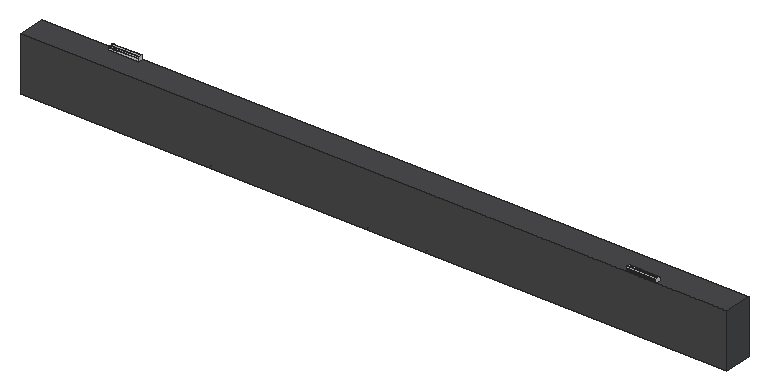
Revit family "DTM40N9.1.24", category Luminarias, Revit 2019
Family settings
  Cota de conector redondo = Diámetro de uso
  Tipo de pieza = Normal
  Se basa en plano de trabajo = Sí
  Siempre vertical = Sí
  Corte con vacíos al cargar = No
  Origen de luz = Sí
  Compartido = No
  Punto de cálculo de habitación = No
Parameters (values of type "RECTANGULAR DWN RIEL_DTM40N9.1.24")
  Ángulo de inclinación = 60.00°
  Zone [instance] = ""
  Watt per fixture = 42.9
  Wattage = 42.9 W
  built-in parameter 1150107 = 4000 (stored number, unit not read)
  built-in parameter 1150110 = 1 (stored number, unit not read)
  built-in parameter 1150109 = 1 (stored number, unit not read)
  built-in parameter 1150112 = 1 (stored number, unit not read)
  built-in parameter 1150113 = 1 (stored number, unit not read)
  built-in parameter 1114218 = 1 (stored number, unit not read)
  Keynote = ""
  built-in parameter 1150137 = (empty or 0)
  built-in parameter 1150132 = (empty or 0)
  Modelo = "DTM40N9.1.24"
  Lámpara = "3030SMD PHILIPS"
  built-in parameter 1150105 = 279.94 (stored number, unit not read)
  built-in parameter 1150102 = (empty or 0)
  built-in parameter 1150106 = 2.7994 (stored number, unit not read)
  Lumens = 3517.8 lm
  Color Filter = 16777215
  built-in parameter 1114217 = 1 (stored number, unit not read)
  built-in parameter 1150139 = (empty or 0)
  Fabricante = "BRILLANT"
  Default Elevation = 1219.2 mm
  built-in parameter 1150104 = 7.618 (stored number, unit not read)
  Descripción = "LUMINARIA DOWNLIGHT EN FORMATO RECTANGULAR COMPATIBLE CON RIEL DE 6 ENTRADAS Y 3 CIRCUITOS, CUERPO DE ALUMINIO ACABADO EN COLOR NEGRO, IP 20, PESO 1.98Kg, TIPO DE LED 3030SMD PHILIPS CON 42.9W TOTAL, 3200 LUMENES, 82LM/W, IRC 90, TEMPERATURA EN BLANCO FRIO 4000K, 50 MIL HORAS DE VIDA PROMEDIO, APERTURA DE 24 GRADOS POR STOCK, ALIMENTADO A 90-240V"
  built-in parameter 1150115 = 1 (stored number, unit not read)
  built-in parameter 1150114 = 1 (stored number, unit not read)
  Comentarios de vataje = "90-240V"
  built-in parameter 1150138 = (empty or 0)
  built-in parameter 1150134 = 12
  Circuit [instance] = ""
  Dimming Lamp Color Temperature Shift = (empty or 0)
  Archivo de red fotométrica = "L964A-40W-840-B-24_IESNA95.IES"
  built-in parameter 1150133 = 10 (stored number, unit not read)
Reference planes
  plane 1 "Centro (Frontal/Posterior)": y = 0
  plane 2: z = 0
  plane 3 "Centro (Izquierda/Derecha)": x = 0
Forms (mm)
  Extrusion 1, solid, material "Default Form"
    sketch origin (0, 0, 0) x (1, 0, 0) y (0, 0, 1)
      loop
        line (-473, 0) -> (-473, -72) -> (473, -72) -> (473, 0) -> (-473, 0)
    from -18.326 to 18.326
  Extrusion 2, solid
    sketch origin (-250, 0, 3.217) x (0, -1, 0) y (0, 0, 1)
      loop
        line (-12.149, -3.217) -> (-12.149, 0) -> (-12.935, 0) -> (-12.935, 1.637) -> (-13.796, 1.637) -> (-13.796, 0) -> (-14.582, 0) -> (-14.582, 0.811) -> (-15.443, 0.811) -> (-15.443, 0) -> (-16.233, 0) -> (-16.233, 2.691) -> (-17.279, 2.691) -> (-17.279, 0) -> (-18.061, 0) -> (-18.061, -0.861) -> (-17.162, -0.861) -> (-17.162, -2.042) -> (-18.326, -2.042) -> (-18.326, -3.217) -> (-12.149, -3.217)
    from 89.098 to 128.24
  Blend 3, void
    base sketch origin (-293.63, 0, 0) x (1, 0, 0) y (0, 1, 0)
      loop
        line (-162, 16.149) -> (-162, -16.149) -> (-144.14, -16.149) -> (-144.14, 16.149) -> (-162, 16.149)
    top sketch origin (-293.63, 0, 0) x (1, 0, 0) y (0, 1, 0)
      loop
        line (-160, 12.149) -> (-160, -12.149) -> (-146.14, -12.149) -> (-146.14, 12.149) -> (-160, 12.149)
    from -72 to -61.591
  Blend 4, void
    base sketch origin (-267.33, 0, 0) x (1, 0, 0) y (0, 1, 0)
      loop
        line (-162, 16.149) -> (-162, -16.149) -> (-144.14, -16.149) -> (-144.14, 16.149) -> (-162, 16.149)
    top sketch origin (-267.33, 0, 0) x (1, 0, 0) y (0, 1, 0)
      loop
        line (-160, 12.149) -> (-160, -12.149) -> (-146.14, -12.149) -> (-146.14, 12.149) -> (-160, 12.149)
    from -72 to -61.591
  Blend 5, void
    base sketch origin (-241.03, 0, 0) x (1, 0, 0) y (0, 1, 0)
      loop
        line (-162, 16.149) -> (-162, -16.149) -> (-144.14, -16.149) -> (-144.14, 16.149) -> (-162, 16.149)
    top sketch origin (-241.03, 0, 0) x (1, 0, 0) y (0, 1, 0)
      loop
        line (-160, 12.149) -> (-160, -12.149) -> (-146.14, -12.149) -> (-146.14, 12.149) -> (-160, 12.149)
    from -72 to -61.591
  Blend 6, void
    base sketch origin (-214.73, 0, 0) x (1, 0, 0) y (0, 1, 0)
      loop
        line (-162, 16.149) -> (-162, -16.149) -> (-144.14, -16.149) -> (-144.14, 16.149) -> (-162, 16.149)
    top sketch origin (-214.73, 0, 0) x (1, 0, 0) y (0, 1, 0)
      loop
        line (-160, 12.149) -> (-160, -12.149) -> (-146.14, -12.149) -> (-146.14, 12.149) -> (-160, 12.149)
    from -72 to -61.591
  Blend 7, void
    base sketch origin (-188.43, 0, 0) x (1, 0, 0) y (0, 1, 0)
      loop
        line (-162, 16.149) -> (-162, -16.149) -> (-144.14, -16.149) -> (-144.14, 16.149) -> (-162, 16.149)
    top sketch origin (-188.43, 0, 0) x (1, 0, 0) y (0, 1, 0)
      loop
        line (-160, 12.149) -> (-160, -12.149) -> (-146.14, -12.149) -> (-146.14, 12.149) -> (-160, 12.149)
    from -72 to -61.591
  Blend 8, void
    base sketch origin (-162.13, 0, 0) x (1, 0, 0) y (0, 1, 0)
      loop
        line (-162, 16.149) -> (-162, -16.149) -> (-144.14, -16.149) -> (-144.14, 16.149) -> (-162, 16.149)
    top sketch origin (-162.13, 0, 0) x (1, 0, 0) y (0, 1, 0)
      loop
        line (-160, 12.149) -> (-160, -12.149) -> (-146.14, -12.149) -> (-146.14, 12.149) -> (-160, 12.149)
    from -72 to -61.591
  Blend 9, void
    base sketch origin (-135.83, 0, 0) x (1, 0, 0) y (0, 1, 0)
      loop
        line (-162, 16.149) -> (-162, -16.149) -> (-144.14, -16.149) -> (-144.14, 16.149) -> (-162, 16.149)
    top sketch origin (-135.83, 0, 0) x (1, 0, 0) y (0, 1, 0)
      loop
        line (-160, 12.149) -> (-160, -12.149) -> (-146.14, -12.149) -> (-146.14, 12.149) -> (-160, 12.149)
    from -72 to -61.591
  Blend 10, void
    base sketch origin (-109.53, 0, 0) x (1, 0, 0) y (0, 1, 0)
      loop
        line (-162, 16.149) -> (-162, -16.149) -> (-144.14, -16.149) -> (-144.14, 16.149) -> (-162, 16.149)
    top sketch origin (-109.53, 0, 0) x (1, 0, 0) y (0, 1, 0)
      loop
        line (-160, 12.149) -> (-160, -12.149) -> (-146.14, -12.149) -> (-146.14, 12.149) -> (-160, 12.149)
    from -72 to -61.591
  Blend 11, void
    base sketch origin (-83.23, 0, 0) x (1, 0, 0) y (0, 1, 0)
      loop
        line (-162, 16.149) -> (-162, -16.149) -> (-144.14, -16.149) -> (-144.14, 16.149) -> (-162, 16.149)
    top sketch origin (-83.23, 0, 0) x (1, 0, 0) y (0, 1, 0)
      loop
        line (-160, 12.149) -> (-160, -12.149) -> (-146.14, -12.149) -> (-146.14, 12.149) -> (-160, 12.149)
    from -72 to -61.591
  Blend 12, void
    base sketch origin (-56.93, 0, 0) x (1, 0, 0) y (0, 1, 0)
      loop
        line (-162, 16.149) -> (-162, -16.149) -> (-144.14, -16.149) -> (-144.14, 16.149) -> (-162, 16.149)
    top sketch origin (-56.93, 0, 0) x (1, 0, 0) y (0, 1, 0)
      loop
        line (-160, 12.149) -> (-160, -12.149) -> (-146.14, -12.149) -> (-146.14, 12.149) -> (-160, 12.149)
    from -72 to -61.591
  Blend 13, void
    base sketch origin (-30.63, 0, 0) x (1, 0, 0) y (0, 1, 0)
      loop
        line (-162, 16.149) -> (-162, -16.149) -> (-144.14, -16.149) -> (-144.14, 16.149) -> (-162, 16.149)
    top sketch origin (-30.63, 0, 0) x (1, 0, 0) y (0, 1, 0)
      loop
        line (-160, 12.149) -> (-160, -12.149) -> (-146.14, -12.149) -> (-146.14, 12.149) -> (-160, 12.149)
    from -72 to -61.591
  Blend 14, void
    base sketch origin (-4.33, 0, 0) x (1, 0, 0) y (0, 1, 0)
      loop
        line (-162, 16.149) -> (-162, -16.149) -> (-144.14, -16.149) -> (-144.14, 16.149) -> (-162, 16.149)
    top sketch origin (-4.33, 0, 0) x (1, 0, 0) y (0, 1, 0)
      loop
        line (-160, 12.149) -> (-160, -12.149) -> (-146.14, -12.149) -> (-146.14, 12.149) -> (-160, 12.149)
    from -72 to -61.591
  Blend 15, void
    base sketch origin (21.97, 0, 0) x (1, 0, 0) y (0, 1, 0)
      loop
        line (-162, 16.149) -> (-162, -16.149) -> (-144.14, -16.149) -> (-144.14, 16.149) -> (-162, 16.149)
    top sketch origin (21.97, 0, 0) x (1, 0, 0) y (0, 1, 0)
      loop
        line (-160, 12.149) -> (-160, -12.149) -> (-146.14, -12.149) -> (-146.14, 12.149) -> (-160, 12.149)
    from -72 to -61.591
  Blend 16, void
    base sketch origin (48.27, 0, 0) x (1, 0, 0) y (0, 1, 0)
      loop
        line (-162, 16.149) -> (-162, -16.149) -> (-144.14, -16.149) -> (-144.14, 16.149) -> (-162, 16.149)
    top sketch origin (48.27, 0, 0) x (1, 0, 0) y (0, 1, 0)
      loop
        line (-160, 12.149) -> (-160, -12.149) -> (-146.14, -12.149) -> (-146.14, 12.149) -> (-160, 12.149)
    from -72 to -61.591
  Blend 17, void
    base sketch origin (74.57, 0, 0) x (1, 0, 0) y (0, 1, 0)
      loop
        line (-162, 16.149) -> (-162, -16.149) -> (-144.14, -16.149) -> (-144.14, 16.149) -> (-162, 16.149)
    top sketch origin (74.57, 0, 0) x (1, 0, 0) y (0, 1, 0)
      loop
        line (-160, 12.149) -> (-160, -12.149) -> (-146.14, -12.149) -> (-146.14, 12.149) -> (-160, 12.149)
    from -72 to -61.591
  Blend 18, void
    base sketch origin (100.87, 0, 0) x (1, 0, 0) y (0, 1, 0)
      loop
        line (-162, 16.149) -> (-162, -16.149) -> (-144.14, -16.149) -> (-144.14, 16.149) -> (-162, 16.149)
    top sketch origin (100.87, 0, 0) x (1, 0, 0) y (0, 1, 0)
      loop
        line (-160, 12.149) -> (-160, -12.149) -> (-146.14, -12.149) -> (-146.14, 12.149) -> (-160, 12.149)
    from -72 to -61.591
  Blend 19, void
    base sketch origin (127.17, 0, 0) x (1, 0, 0) y (0, 1, 0)
      loop
        line (-162, 16.149) -> (-162, -16.149) -> (-144.14, -16.149) -> (-144.14, 16.149) -> (-162, 16.149)
    top sketch origin (127.17, 0, 0) x (1, 0, 0) y (0, 1, 0)
      loop
        line (-160, 12.149) -> (-160, -12.149) -> (-146.14, -12.149) -> (-146.14, 12.149) -> (-160, 12.149)
    from -72 to -61.591
  Blend 20, void
    base sketch origin (153.47, 0, 0) x (1, 0, 0) y (0, 1, 0)
      loop
        line (-162, 16.149) -> (-162, -16.149) -> (-144.14, -16.149) -> (-144.14, 16.149) -> (-162, 16.149)
    top sketch origin (153.47, 0, 0) x (1, 0, 0) y (0, 1, 0)
      loop
        line (-160, 12.149) -> (-160, -12.149) -> (-146.14, -12.149) -> (-146.14, 12.149) -> (-160, 12.149)
    from -72 to -61.591
  Blend 21, void
    base sketch origin (179.77, 0, 0) x (1, 0, 0) y (0, 1, 0)
      loop
        line (-162, 16.149) -> (-162, -16.149) -> (-144.14, -16.149) -> (-144.14, 16.149) -> (-162, 16.149)
    top sketch origin (179.77, 0, 0) x (1, 0, 0) y (0, 1, 0)
      loop
        line (-160, 12.149) -> (-160, -12.149) -> (-146.14, -12.149) -> (-146.14, 12.149) -> (-160, 12.149)
    from -72 to -61.591
  Blend 22, void
    base sketch origin (206.07, 0, 0) x (1, 0, 0) y (0, 1, 0)
      loop
        line (-162, 16.149) -> (-162, -16.149) -> (-144.14, -16.149) -> (-144.14, 16.149) -> (-162, 16.149)
    top sketch origin (206.07, 0, 0) x (1, 0, 0) y (0, 1, 0)
      loop
        line (-160, 12.149) -> (-160, -12.149) -> (-146.14, -12.149) -> (-146.14, 12.149) -> (-160, 12.149)
    from -72 to -61.591
  Blend 23, void
    base sketch origin (232.37, 0, 0) x (1, 0, 0) y (0, 1, 0)
      loop
        line (-162, 16.149) -> (-162, -16.149) -> (-144.14, -16.149) -> (-144.14, 16.149) -> (-162, 16.149)
    top sketch origin (232.37, 0, 0) x (1, 0, 0) y (0, 1, 0)
      loop
        line (-160, 12.149) -> (-160, -12.149) -> (-146.14, -12.149) -> (-146.14, 12.149) -> (-160, 12.149)
    from -72 to -61.591
  Blend 24, void
    base sketch origin (258.67, 0, 0) x (1, 0, 0) y (0, 1, 0)
      loop
        line (-162, 16.149) -> (-162, -16.149) -> (-144.14, -16.149) -> (-144.14, 16.149) -> (-162, 16.149)
    top sketch origin (258.67, 0, 0) x (1, 0, 0) y (0, 1, 0)
      loop
        line (-160, 12.149) -> (-160, -12.149) -> (-146.14, -12.149) -> (-146.14, 12.149) -> (-160, 12.149)
    from -72 to -61.591
  Blend 25, void
    base sketch origin (284.97, 0, 0) x (1, 0, 0) y (0, 1, 0)
      loop
        line (-162, 16.149) -> (-162, -16.149) -> (-144.14, -16.149) -> (-144.14, 16.149) -> (-162, 16.149)
    top sketch origin (284.97, 0, 0) x (1, 0, 0) y (0, 1, 0)
      loop
        line (-160, 12.149) -> (-160, -12.149) -> (-146.14, -12.149) -> (-146.14, 12.149) -> (-160, 12.149)
    from -72 to -61.591
  Blend 26, void
    base sketch origin (311.27, 0, 0) x (1, 0, 0) y (0, 1, 0)
      loop
        line (-162, 16.149) -> (-162, -16.149) -> (-144.14, -16.149) -> (-144.14, 16.149) -> (-162, 16.149)
    top sketch origin (311.27, 0, 0) x (1, 0, 0) y (0, 1, 0)
      loop
        line (-160, 12.149) -> (-160, -12.149) -> (-146.14, -12.149) -> (-146.14, 12.149) -> (-160, 12.149)
    from -72 to -61.591
  Blend 27, void
    base sketch origin (337.57, 0, 0) x (1, 0, 0) y (0, 1, 0)
      loop
        line (-162, 16.149) -> (-162, -16.149) -> (-144.14, -16.149) -> (-144.14, 16.149) -> (-162, 16.149)
    top sketch origin (337.57, 0, 0) x (1, 0, 0) y (0, 1, 0)
      loop
        line (-160, 12.149) -> (-160, -12.149) -> (-146.14, -12.149) -> (-146.14, 12.149) -> (-160, 12.149)
    from -72 to -61.591
  Blend 28, void
    base sketch origin (363.87, 0, 0) x (1, 0, 0) y (0, 1, 0)
      loop
        line (-162, 16.149) -> (-162, -16.149) -> (-144.14, -16.149) -> (-144.14, 16.149) -> (-162, 16.149)
    top sketch origin (363.87, 0, 0) x (1, 0, 0) y (0, 1, 0)
      loop
        line (-160, 12.149) -> (-160, -12.149) -> (-146.14, -12.149) -> (-146.14, 12.149) -> (-160, 12.149)
    from -72 to -61.591
  Blend 29, void
    base sketch origin (390.17, 0, 0) x (1, 0, 0) y (0, 1, 0)
      loop
        line (-162, 16.149) -> (-162, -16.149) -> (-144.14, -16.149) -> (-144.14, 16.149) -> (-162, 16.149)
    top sketch origin (390.17, 0, 0) x (1, 0, 0) y (0, 1, 0)
      loop
        line (-160, 12.149) -> (-160, -12.149) -> (-146.14, -12.149) -> (-146.14, 12.149) -> (-160, 12.149)
    from -72 to -61.591
  Blend 30, void
    base sketch origin (416.47, 0, 0) x (1, 0, 0) y (0, 1, 0)
      loop
        line (-162, 16.149) -> (-162, -16.149) -> (-144.14, -16.149) -> (-144.14, 16.149) -> (-162, 16.149)
    top sketch origin (416.47, 0, 0) x (1, 0, 0) y (0, 1, 0)
      loop
        line (-160, 12.149) -> (-160, -12.149) -> (-146.14, -12.149) -> (-146.14, 12.149) -> (-160, 12.149)
    from -72 to -61.591
  Blend 31, void
    base sketch origin (442.77, 0, 0) x (1, 0, 0) y (0, 1, 0)
      loop
        line (-162, 16.149) -> (-162, -16.149) -> (-144.14, -16.149) -> (-144.14, 16.149) -> (-162, 16.149)
    top sketch origin (442.77, 0, 0) x (1, 0, 0) y (0, 1, 0)
      loop
        line (-160, 12.149) -> (-160, -12.149) -> (-146.14, -12.149) -> (-146.14, 12.149) -> (-160, 12.149)
    from -72 to -61.591
  Blend 32, void
    base sketch origin (469.07, 0, 0) x (1, 0, 0) y (0, 1, 0)
      loop
        line (-162, 16.149) -> (-162, -16.149) -> (-144.14, -16.149) -> (-144.14, 16.149) -> (-162, 16.149)
    top sketch origin (469.07, 0, 0) x (1, 0, 0) y (0, 1, 0)
      loop
        line (-160, 12.149) -> (-160, -12.149) -> (-146.14, -12.149) -> (-146.14, 12.149) -> (-160, 12.149)
    from -72 to -61.591
  Blend 33, void
    base sketch origin (495.37, 0, 0) x (1, 0, 0) y (0, 1, 0)
      loop
        line (-162, 16.149) -> (-162, -16.149) -> (-144.14, -16.149) -> (-144.14, 16.149) -> (-162, 16.149)
    top sketch origin (495.37, 0, 0) x (1, 0, 0) y (0, 1, 0)
      loop
        line (-160, 12.149) -> (-160, -12.149) -> (-146.14, -12.149) -> (-146.14, 12.149) -> (-160, 12.149)
    from -72 to -61.591
  Blend 34, void
    base sketch origin (521.67, 0, 0) x (1, 0, 0) y (0, 1, 0)
      loop
        line (-162, 16.149) -> (-162, -16.149) -> (-144.14, -16.149) -> (-144.14, 16.149) -> (-162, 16.149)
    top sketch origin (521.67, 0, 0) x (1, 0, 0) y (0, 1, 0)
      loop
        line (-160, 12.149) -> (-160, -12.149) -> (-146.14, -12.149) -> (-146.14, 12.149) -> (-160, 12.149)
    from -72 to -61.591
  Blend 35, void
    base sketch origin (547.97, 0, 0) x (1, 0, 0) y (0, 1, 0)
      loop
        line (-162, 16.149) -> (-162, -16.149) -> (-144.14, -16.149) -> (-144.14, 16.149) -> (-162, 16.149)
    top sketch origin (547.97, 0, 0) x (1, 0, 0) y (0, 1, 0)
      loop
        line (-160, 12.149) -> (-160, -12.149) -> (-146.14, -12.149) -> (-146.14, 12.149) -> (-160, 12.149)
    from -72 to -61.591
  Blend 36, void
    base sketch origin (574.27, 0, 0) x (1, 0, 0) y (0, 1, 0)
      loop
        line (-162, 16.149) -> (-162, -16.149) -> (-144.14, -16.149) -> (-144.14, 16.149) -> (-162, 16.149)
    top sketch origin (574.27, 0, 0) x (1, 0, 0) y (0, 1, 0)
      loop
        line (-160, 12.149) -> (-160, -12.149) -> (-146.14, -12.149) -> (-146.14, 12.149) -> (-160, 12.149)
    from -72 to -61.591
  Blend 37, void
    base sketch origin (600.57, 0, 0) x (1, 0, 0) y (0, 1, 0)
      loop
        line (-162, 16.149) -> (-162, -16.149) -> (-144.14, -16.149) -> (-144.14, 16.149) -> (-162, 16.149)
    top sketch origin (600.57, 0, 0) x (1, 0, 0) y (0, 1, 0)
      loop
        line (-160, 12.149) -> (-160, -12.149) -> (-146.14, -12.149) -> (-146.14, 12.149) -> (-160, 12.149)
    from -72 to -61.591
  Extrusion 38, solid
    sketch origin (250, 0, 3.217) x (0, 1, 0) y (0, 0, 1)
      loop
        line (-12.149, -3.217) -> (-12.149, 0) -> (-12.935, 0) -> (-12.935, 1.637) -> (-13.796, 1.637) -> (-13.796, 0) -> (-14.582, 0) -> (-14.582, 0.811) -> (-15.443, 0.811) -> (-15.443, 0) -> (-16.233, 0) -> (-16.233, 2.691) -> (-17.279, 2.691) -> (-17.279, 0) -> (-18.061, 0) -> (-18.061, -0.861) -> (-17.162, -0.861) -> (-17.162, -2.042) -> (-18.326, -2.042) -> (-18.326, -3.217) -> (-12.149, -3.217)
    from 89.098 to 128.24
Cuts and joins
  Blend 3, Blend 4, Blend 5, Blend 6, Blend 7, Blend 8, Blend 9, Blend 10, Blend 11, Blend 12, Blend 13, Blend 14, Blend 15, Blend 16, Blend 17, Blend 18, Blend 19, Blend 20, Blend 21, Blend 22, Blend 23, Blend 24, Blend 25, Blend 26, Blend 27, Blend 28, Blend 29, Blend 30, Blend 31, Blend 32, Blend 33, Blend 34, Blend 35, Blend 36, Blend 37 cuts Extrusion 1
Dimensions and locks
  equal spacing: Extrusion 1, plane 1 "Centro (Frontal/Posterior)", Extrusion 1
  Extrusion 1 to plane 1 "Centro (Frontal/Posterior)" = 18.326 mm
  Extrusion 1 to Extrusion 1 = 36.651 mm
  Extrusion 1 to Extrusion 1 = 72 mm
  Extrusion 1 to Extrusion 1 = 946 mm
  cut or joined group 1 (Extrusion 1, Blend 3, Blend 4, Blend 5, Blend 6, Blend 7, Blend 8, Blend 9, Blend 10, Blend 11, Blend 12, Blend 13, Blend 14, Blend 15, Blend 16, Blend 17, Blend 18, Blend 19, Blend 20, Blend 21, Blend 22, Blend 23, Blend 24, Blend 25, Blend 26, Blend 27, Blend 28, Blend 29, Blend 30, Blend 31, Blend 32, Blend 33, Blend 34, Blend 35, Blend 36, Blend 37) to cut or joined group 1 = 72 mm
  cut or joined group 1 to cut or joined group 1 = 36.651 mm
  cut or joined group 1 to cut or joined group 1 = 946 mm
  equal spacing: cut or joined group 1, plane 1 "Centro (Frontal/Posterior)", cut or joined group 1
  aligned and locked: level to plane 2
Automatic sketch dimensions
  Extrusion 1 sketch curve to level = 0 mm
  Extrusion 1 sketch curve to level = 72 mm
  Extrusion 1 sketch curve to plane 3 "Centro (Izquierda/Derecha)" = 473 mm
  plane 3 "Centro (Izquierda/Derecha)" to Extrusion 1 sketch curve = 473 mm
  Extrusion 2 sketch curve to level = 0 mm
  level to Extrusion 2 sketch curve = 1.175 mm
  Extrusion 2 sketch curve to plane 1 "Centro (Frontal/Posterior)" = 18.326 mm
  Extrusion 2 sketch curve to Extrusion 2 sketch curve = 0.265 mm
  Extrusion 2 sketch curve to Extrusion 2 sketch curve = 0.782 mm
  Extrusion 2 sketch curve to Extrusion 2 sketch curve = 1.164 mm
  Extrusion 2 sketch curve to Extrusion 2 sketch curve = 1.046 mm
  Extrusion 2 sketch curve to Extrusion 2 sketch curve = 0.789 mm
  Extrusion 2 sketch curve to Extrusion 2 sketch curve = 0.861 mm  (x3)
  Extrusion 2 sketch curve to Extrusion 2 sketch curve = 0.786 mm
  Extrusion 2 sketch curve to Extrusion 2 sketch curve = 0.785 mm
  Extrusion 2 sketch curve to Extrusion 2 sketch curve = 1.181 mm
  level to Extrusion 2 sketch curve = 3.217 mm
  Extrusion 2 sketch curve to Extrusion 2 sketch curve = 0 mm  (x2)
  Extrusion 2 sketch curve to Extrusion 2 sketch curve = 0.811 mm
  Extrusion 2 sketch curve to Extrusion 2 sketch curve = 0.826 mm
  Extrusion 2 sketch curve to Extrusion 2 sketch curve = 1.88 mm
  Blend 3 sketch curve to plane 1 "Centro (Frontal/Posterior)" = 16.149 mm
  Blend 3 sketch curve to plane 3 "Centro (Izquierda/Derecha)" = 455.63 mm
  Blend 3 sketch curve to Blend 3 sketch curve = 17.86 mm
  plane 1 "Centro (Frontal/Posterior)" to Blend 3 sketch curve = 16.149 mm
  Blend 3 sketch curve to plane 1 "Centro (Frontal/Posterior)" = 12.149 mm
  Blend 3 sketch curve to plane 3 "Centro (Izquierda/Derecha)" = 453.63 mm
  Blend 3 sketch curve to Blend 3 sketch curve = 13.86 mm
  plane 1 "Centro (Frontal/Posterior)" to Blend 3 sketch curve = 12.149 mm
  Blend 4 sketch curve to plane 1 "Centro (Frontal/Posterior)" = 16.149 mm
  Blend 4 sketch curve to plane 3 "Centro (Izquierda/Derecha)" = 429.33 mm
  Blend 4 sketch curve to Blend 4 sketch curve = 17.86 mm
  plane 1 "Centro (Frontal/Posterior)" to Blend 4 sketch curve = 16.149 mm
  Blend 4 sketch curve to plane 1 "Centro (Frontal/Posterior)" = 12.149 mm
  Blend 4 sketch curve to plane 3 "Centro (Izquierda/Derecha)" = 427.33 mm
  Blend 4 sketch curve to Blend 4 sketch curve = 13.86 mm
  plane 1 "Centro (Frontal/Posterior)" to Blend 4 sketch curve = 12.149 mm
  Blend 5 sketch curve to plane 1 "Centro (Frontal/Posterior)" = 16.149 mm
  Blend 5 sketch curve to plane 3 "Centro (Izquierda/Derecha)" = 403.03 mm
  Blend 5 sketch curve to Blend 5 sketch curve = 17.86 mm
  plane 1 "Centro (Frontal/Posterior)" to Blend 5 sketch curve = 16.149 mm
  Blend 5 sketch curve to plane 1 "Centro (Frontal/Posterior)" = 12.149 mm
  Blend 5 sketch curve to plane 3 "Centro (Izquierda/Derecha)" = 401.03 mm
  Blend 5 sketch curve to Blend 5 sketch curve = 13.86 mm
  plane 1 "Centro (Frontal/Posterior)" to Blend 5 sketch curve = 12.149 mm
  Blend 6 sketch curve to plane 1 "Centro (Frontal/Posterior)" = 16.149 mm
  Blend 6 sketch curve to plane 3 "Centro (Izquierda/Derecha)" = 376.73 mm
  Blend 6 sketch curve to Blend 6 sketch curve = 17.86 mm
  plane 1 "Centro (Frontal/Posterior)" to Blend 6 sketch curve = 16.149 mm
  Blend 6 sketch curve to plane 1 "Centro (Frontal/Posterior)" = 12.149 mm
  Blend 6 sketch curve to plane 3 "Centro (Izquierda/Derecha)" = 374.73 mm
  Blend 6 sketch curve to Blend 6 sketch curve = 13.86 mm
  plane 1 "Centro (Frontal/Posterior)" to Blend 6 sketch curve = 12.149 mm
  Blend 7 sketch curve to plane 1 "Centro (Frontal/Posterior)" = 16.149 mm
  Blend 7 sketch curve to plane 3 "Centro (Izquierda/Derecha)" = 350.43 mm
  Blend 7 sketch curve to Blend 7 sketch curve = 17.86 mm
  plane 1 "Centro (Frontal/Posterior)" to Blend 7 sketch curve = 16.149 mm
  Blend 7 sketch curve to plane 1 "Centro (Frontal/Posterior)" = 12.149 mm
  Blend 7 sketch curve to plane 3 "Centro (Izquierda/Derecha)" = 348.43 mm
  Blend 7 sketch curve to Blend 7 sketch curve = 13.86 mm
  plane 1 "Centro (Frontal/Posterior)" to Blend 7 sketch curve = 12.149 mm
  Blend 8 sketch curve to plane 1 "Centro (Frontal/Posterior)" = 16.149 mm
  Blend 8 sketch curve to plane 3 "Centro (Izquierda/Derecha)" = 324.13 mm
  Blend 8 sketch curve to Blend 8 sketch curve = 17.86 mm
  plane 1 "Centro (Frontal/Posterior)" to Blend 8 sketch curve = 16.149 mm
  Blend 8 sketch curve to plane 1 "Centro (Frontal/Posterior)" = 12.149 mm
  Blend 8 sketch curve to plane 3 "Centro (Izquierda/Derecha)" = 322.13 mm
  Blend 8 sketch curve to Blend 8 sketch curve = 13.86 mm
  plane 1 "Centro (Frontal/Posterior)" to Blend 8 sketch curve = 12.149 mm
  Blend 9 sketch curve to plane 1 "Centro (Frontal/Posterior)" = 16.149 mm
  Blend 9 sketch curve to plane 3 "Centro (Izquierda/Derecha)" = 297.83 mm
  Blend 9 sketch curve to Blend 9 sketch curve = 17.86 mm
  plane 1 "Centro (Frontal/Posterior)" to Blend 9 sketch curve = 16.149 mm
  Blend 9 sketch curve to plane 1 "Centro (Frontal/Posterior)" = 12.149 mm
  Blend 9 sketch curve to plane 3 "Centro (Izquierda/Derecha)" = 295.83 mm
  Blend 9 sketch curve to Blend 9 sketch curve = 13.86 mm
  plane 1 "Centro (Frontal/Posterior)" to Blend 9 sketch curve = 12.149 mm
  Blend 10 sketch curve to plane 1 "Centro (Frontal/Posterior)" = 16.149 mm
  Blend 10 sketch curve to plane 3 "Centro (Izquierda/Derecha)" = 271.53 mm
  Blend 10 sketch curve to Blend 10 sketch curve = 17.86 mm
  plane 1 "Centro (Frontal/Posterior)" to Blend 10 sketch curve = 16.149 mm
  Blend 10 sketch curve to plane 1 "Centro (Frontal/Posterior)" = 12.149 mm
  Blend 10 sketch curve to plane 3 "Centro (Izquierda/Derecha)" = 269.53 mm
  Blend 10 sketch curve to Blend 10 sketch curve = 13.86 mm
  plane 1 "Centro (Frontal/Posterior)" to Blend 10 sketch curve = 12.149 mm
  Blend 11 sketch curve to plane 1 "Centro (Frontal/Posterior)" = 16.149 mm
  Blend 11 sketch curve to plane 3 "Centro (Izquierda/Derecha)" = 245.23 mm
  Blend 11 sketch curve to Blend 11 sketch curve = 17.86 mm
  plane 1 "Centro (Frontal/Posterior)" to Blend 11 sketch curve = 16.149 mm
  Blend 11 sketch curve to plane 1 "Centro (Frontal/Posterior)" = 12.149 mm
  Blend 11 sketch curve to plane 3 "Centro (Izquierda/Derecha)" = 243.23 mm
  Blend 11 sketch curve to Blend 11 sketch curve = 13.86 mm
  plane 1 "Centro (Frontal/Posterior)" to Blend 11 sketch curve = 12.149 mm
  Blend 12 sketch curve to plane 1 "Centro (Frontal/Posterior)" = 16.149 mm
  Blend 12 sketch curve to plane 3 "Centro (Izquierda/Derecha)" = 218.93 mm
  Blend 12 sketch curve to Blend 12 sketch curve = 17.86 mm
  plane 1 "Centro (Frontal/Posterior)" to Blend 12 sketch curve = 16.149 mm
  Blend 12 sketch curve to plane 1 "Centro (Frontal/Posterior)" = 12.149 mm
  Blend 12 sketch curve to plane 3 "Centro (Izquierda/Derecha)" = 216.93 mm
  Blend 12 sketch curve to Blend 12 sketch curve = 13.86 mm
  plane 1 "Centro (Frontal/Posterior)" to Blend 12 sketch curve = 12.149 mm
  Blend 13 sketch curve to plane 1 "Centro (Frontal/Posterior)" = 16.149 mm
  Blend 13 sketch curve to plane 3 "Centro (Izquierda/Derecha)" = 192.63 mm
  Blend 13 sketch curve to Blend 13 sketch curve = 17.86 mm
  plane 1 "Centro (Frontal/Posterior)" to Blend 13 sketch curve = 16.149 mm
  Blend 13 sketch curve to plane 1 "Centro (Frontal/Posterior)" = 12.149 mm
  Blend 13 sketch curve to plane 3 "Centro (Izquierda/Derecha)" = 190.63 mm
  Blend 13 sketch curve to Blend 13 sketch curve = 13.86 mm
  plane 1 "Centro (Frontal/Posterior)" to Blend 13 sketch curve = 12.149 mm
  Blend 14 sketch curve to plane 1 "Centro (Frontal/Posterior)" = 16.149 mm
  Blend 14 sketch curve to plane 3 "Centro (Izquierda/Derecha)" = 166.33 mm
  Blend 14 sketch curve to Blend 14 sketch curve = 17.86 mm
  plane 1 "Centro (Frontal/Posterior)" to Blend 14 sketch curve = 16.149 mm
  Blend 14 sketch curve to plane 1 "Centro (Frontal/Posterior)" = 12.149 mm
  Blend 14 sketch curve to plane 3 "Centro (Izquierda/Derecha)" = 164.33 mm
  Blend 14 sketch curve to Blend 14 sketch curve = 13.86 mm
  plane 1 "Centro (Frontal/Posterior)" to Blend 14 sketch curve = 12.149 mm
  Blend 15 sketch curve to plane 1 "Centro (Frontal/Posterior)" = 16.149 mm
  Blend 15 sketch curve to plane 3 "Centro (Izquierda/Derecha)" = 140.03 mm
  Blend 15 sketch curve to Blend 15 sketch curve = 17.86 mm
  plane 1 "Centro (Frontal/Posterior)" to Blend 15 sketch curve = 16.149 mm
  Blend 15 sketch curve to plane 1 "Centro (Frontal/Posterior)" = 12.149 mm
  Blend 15 sketch curve to plane 3 "Centro (Izquierda/Derecha)" = 138.03 mm
  Blend 15 sketch curve to Blend 15 sketch curve = 13.86 mm
  plane 1 "Centro (Frontal/Posterior)" to Blend 15 sketch curve = 12.149 mm
  Blend 16 sketch curve to plane 1 "Centro (Frontal/Posterior)" = 16.149 mm
  Blend 16 sketch curve to plane 3 "Centro (Izquierda/Derecha)" = 113.73 mm
  Blend 16 sketch curve to Blend 16 sketch curve = 17.86 mm
  plane 1 "Centro (Frontal/Posterior)" to Blend 16 sketch curve = 16.149 mm
  Blend 16 sketch curve to plane 1 "Centro (Frontal/Posterior)" = 12.149 mm
  Blend 16 sketch curve to plane 3 "Centro (Izquierda/Derecha)" = 111.73 mm
  Blend 16 sketch curve to Blend 16 sketch curve = 13.86 mm
  plane 1 "Centro (Frontal/Posterior)" to Blend 16 sketch curve = 12.149 mm
  Blend 17 sketch curve to plane 1 "Centro (Frontal/Posterior)" = 16.149 mm
  Blend 17 sketch curve to plane 3 "Centro (Izquierda/Derecha)" = 87.43 mm
  Blend 17 sketch curve to Blend 17 sketch curve = 17.86 mm
  plane 1 "Centro (Frontal/Posterior)" to Blend 17 sketch curve = 16.149 mm
  Blend 17 sketch curve to plane 1 "Centro (Frontal/Posterior)" = 12.149 mm
  Blend 17 sketch curve to plane 3 "Centro (Izquierda/Derecha)" = 85.43 mm
  Blend 17 sketch curve to Blend 17 sketch curve = 13.86 mm
  plane 1 "Centro (Frontal/Posterior)" to Blend 17 sketch curve = 12.149 mm
  Blend 18 sketch curve to plane 1 "Centro (Frontal/Posterior)" = 16.149 mm
  Blend 18 sketch curve to plane 3 "Centro (Izquierda/Derecha)" = 61.13 mm
  Blend 18 sketch curve to Blend 18 sketch curve = 17.86 mm
  plane 1 "Centro (Frontal/Posterior)" to Blend 18 sketch curve = 16.149 mm
  Blend 18 sketch curve to plane 1 "Centro (Frontal/Posterior)" = 12.149 mm
  Blend 18 sketch curve to plane 3 "Centro (Izquierda/Derecha)" = 59.13 mm
  Blend 18 sketch curve to Blend 18 sketch curve = 13.86 mm
  plane 1 "Centro (Frontal/Posterior)" to Blend 18 sketch curve = 12.149 mm
  Blend 19 sketch curve to plane 1 "Centro (Frontal/Posterior)" = 16.149 mm
  Blend 19 sketch curve to plane 3 "Centro (Izquierda/Derecha)" = 34.83 mm
  Blend 19 sketch curve to plane 3 "Centro (Izquierda/Derecha)" = 16.97 mm
  plane 1 "Centro (Frontal/Posterior)" to Blend 19 sketch curve = 16.149 mm
  Blend 19 sketch curve to plane 1 "Centro (Frontal/Posterior)" = 12.149 mm
  Blend 19 sketch curve to plane 3 "Centro (Izquierda/Derecha)" = 32.83 mm
  Blend 19 sketch curve to Blend 19 sketch curve = 13.86 mm
  plane 1 "Centro (Frontal/Posterior)" to Blend 19 sketch curve = 12.149 mm
  Blend 20 sketch curve to plane 3 "Centro (Izquierda/Derecha)" = 8.53 mm
  plane 3 "Centro (Izquierda/Derecha)" to Blend 20 sketch curve = 9.33 mm
  plane 1 "Centro (Frontal/Posterior)" to Blend 20 sketch curve = 16.149 mm
  Blend 20 sketch curve to plane 1 "Centro (Frontal/Posterior)" = 16.149 mm
  Blend 20 sketch curve to plane 3 "Centro (Izquierda/Derecha)" = 6.53 mm
  plane 3 "Centro (Izquierda/Derecha)" to Blend 20 sketch curve = 7.33 mm
  plane 1 "Centro (Frontal/Posterior)" to Blend 20 sketch curve = 12.149 mm
  Blend 20 sketch curve to plane 1 "Centro (Frontal/Posterior)" = 12.149 mm
  plane 3 "Centro (Izquierda/Derecha)" to Blend 21 sketch curve = 17.77 mm
  Blend 21 sketch curve to Blend 21 sketch curve = 17.86 mm
  plane 1 "Centro (Frontal/Posterior)" to Blend 21 sketch curve = 16.149 mm
  Blend 21 sketch curve to plane 1 "Centro (Frontal/Posterior)" = 16.149 mm
  plane 3 "Centro (Izquierda/Derecha)" to Blend 21 sketch curve = 19.77 mm
  Blend 21 sketch curve to Blend 21 sketch curve = 13.86 mm
  plane 1 "Centro (Frontal/Posterior)" to Blend 21 sketch curve = 12.149 mm
  Blend 21 sketch curve to plane 1 "Centro (Frontal/Posterior)" = 12.149 mm
  Blend 22 sketch curve to plane 1 "Centro (Frontal/Posterior)" = 16.149 mm
  plane 3 "Centro (Izquierda/Derecha)" to Blend 22 sketch curve = 44.07 mm
  Blend 22 sketch curve to Blend 22 sketch curve = 17.86 mm
  plane 1 "Centro (Frontal/Posterior)" to Blend 22 sketch curve = 16.149 mm
  Blend 22 sketch curve to plane 1 "Centro (Frontal/Posterior)" = 12.149 mm
  plane 3 "Centro (Izquierda/Derecha)" to Blend 22 sketch curve = 46.07 mm
  Blend 22 sketch curve to Blend 22 sketch curve = 13.86 mm
  plane 1 "Centro (Frontal/Posterior)" to Blend 22 sketch curve = 12.149 mm
  Blend 23 sketch curve to plane 1 "Centro (Frontal/Posterior)" = 16.149 mm
  plane 3 "Centro (Izquierda/Derecha)" to Blend 23 sketch curve = 70.37 mm
  Blend 23 sketch curve to Blend 23 sketch curve = 17.86 mm
  plane 1 "Centro (Frontal/Posterior)" to Blend 23 sketch curve = 16.149 mm
  Blend 23 sketch curve to plane 1 "Centro (Frontal/Posterior)" = 12.149 mm
  plane 3 "Centro (Izquierda/Derecha)" to Blend 23 sketch curve = 72.37 mm
  Blend 23 sketch curve to Blend 23 sketch curve = 13.86 mm
  plane 1 "Centro (Frontal/Posterior)" to Blend 23 sketch curve = 12.149 mm
  Blend 24 sketch curve to plane 1 "Centro (Frontal/Posterior)" = 16.149 mm
  plane 3 "Centro (Izquierda/Derecha)" to Blend 24 sketch curve = 96.67 mm
  Blend 24 sketch curve to Blend 24 sketch curve = 17.86 mm
  plane 1 "Centro (Frontal/Posterior)" to Blend 24 sketch curve = 16.149 mm
  Blend 24 sketch curve to plane 1 "Centro (Frontal/Posterior)" = 12.149 mm
  plane 3 "Centro (Izquierda/Derecha)" to Blend 24 sketch curve = 98.67 mm
  Blend 24 sketch curve to Blend 24 sketch curve = 13.86 mm
  plane 1 "Centro (Frontal/Posterior)" to Blend 24 sketch curve = 12.149 mm
  Blend 25 sketch curve to plane 1 "Centro (Frontal/Posterior)" = 16.149 mm
  plane 3 "Centro (Izquierda/Derecha)" to Blend 25 sketch curve = 122.97 mm
  Blend 25 sketch curve to Blend 25 sketch curve = 17.86 mm
  plane 1 "Centro (Frontal/Posterior)" to Blend 25 sketch curve = 16.149 mm
  Blend 25 sketch curve to plane 1 "Centro (Frontal/Posterior)" = 12.149 mm
  plane 3 "Centro (Izquierda/Derecha)" to Blend 25 sketch curve = 124.97 mm
  Blend 25 sketch curve to Blend 25 sketch curve = 13.86 mm
  plane 1 "Centro (Frontal/Posterior)" to Blend 25 sketch curve = 12.149 mm
  Blend 26 sketch curve to plane 1 "Centro (Frontal/Posterior)" = 16.149 mm
  plane 3 "Centro (Izquierda/Derecha)" to Blend 26 sketch curve = 149.27 mm
  Blend 26 sketch curve to Blend 26 sketch curve = 17.86 mm
  plane 1 "Centro (Frontal/Posterior)" to Blend 26 sketch curve = 16.149 mm
  Blend 26 sketch curve to plane 1 "Centro (Frontal/Posterior)" = 12.149 mm
  plane 3 "Centro (Izquierda/Derecha)" to Blend 26 sketch curve = 151.27 mm
  Blend 26 sketch curve to Blend 26 sketch curve = 13.86 mm
  plane 1 "Centro (Frontal/Posterior)" to Blend 26 sketch curve = 12.149 mm
  Blend 27 sketch curve to plane 1 "Centro (Frontal/Posterior)" = 16.149 mm
  plane 3 "Centro (Izquierda/Derecha)" to Blend 27 sketch curve = 175.57 mm
  Blend 27 sketch curve to Blend 27 sketch curve = 17.86 mm
  plane 1 "Centro (Frontal/Posterior)" to Blend 27 sketch curve = 16.149 mm
  Blend 27 sketch curve to plane 1 "Centro (Frontal/Posterior)" = 12.149 mm
  plane 3 "Centro (Izquierda/Derecha)" to Blend 27 sketch curve = 177.57 mm
  Blend 27 sketch curve to Blend 27 sketch curve = 13.86 mm
  plane 1 "Centro (Frontal/Posterior)" to Blend 27 sketch curve = 12.149 mm
  Blend 28 sketch curve to plane 1 "Centro (Frontal/Posterior)" = 16.149 mm
  plane 3 "Centro (Izquierda/Derecha)" to Blend 28 sketch curve = 201.87 mm
  Blend 28 sketch curve to Blend 28 sketch curve = 17.86 mm
  plane 1 "Centro (Frontal/Posterior)" to Blend 28 sketch curve = 16.149 mm
  Blend 28 sketch curve to plane 1 "Centro (Frontal/Posterior)" = 12.149 mm
  plane 3 "Centro (Izquierda/Derecha)" to Blend 28 sketch curve = 203.87 mm
  Blend 28 sketch curve to Blend 28 sketch curve = 13.86 mm
  plane 1 "Centro (Frontal/Posterior)" to Blend 28 sketch curve = 12.149 mm
  Blend 29 sketch curve to plane 1 "Centro (Frontal/Posterior)" = 16.149 mm
  plane 3 "Centro (Izquierda/Derecha)" to Blend 29 sketch curve = 228.17 mm
  Blend 29 sketch curve to Blend 29 sketch curve = 17.86 mm
  plane 1 "Centro (Frontal/Posterior)" to Blend 29 sketch curve = 16.149 mm
  Blend 29 sketch curve to plane 1 "Centro (Frontal/Posterior)" = 12.149 mm
  plane 3 "Centro (Izquierda/Derecha)" to Blend 29 sketch curve = 230.17 mm
  Blend 29 sketch curve to Blend 29 sketch curve = 13.86 mm
  plane 1 "Centro (Frontal/Posterior)" to Blend 29 sketch curve = 12.149 mm
  Blend 30 sketch curve to plane 1 "Centro (Frontal/Posterior)" = 16.149 mm
  plane 3 "Centro (Izquierda/Derecha)" to Blend 30 sketch curve = 254.47 mm
  Blend 30 sketch curve to Blend 30 sketch curve = 17.86 mm
  plane 1 "Centro (Frontal/Posterior)" to Blend 30 sketch curve = 16.149 mm
  Blend 30 sketch curve to plane 1 "Centro (Frontal/Posterior)" = 12.149 mm
  plane 3 "Centro (Izquierda/Derecha)" to Blend 30 sketch curve = 256.47 mm
  Blend 30 sketch curve to Blend 30 sketch curve = 13.86 mm
  plane 1 "Centro (Frontal/Posterior)" to Blend 30 sketch curve = 12.149 mm
  Blend 31 sketch curve to plane 1 "Centro (Frontal/Posterior)" = 16.149 mm
  plane 3 "Centro (Izquierda/Derecha)" to Blend 31 sketch curve = 280.77 mm
  Blend 31 sketch curve to Blend 31 sketch curve = 17.86 mm
  plane 1 "Centro (Frontal/Posterior)" to Blend 31 sketch curve = 16.149 mm
  Blend 31 sketch curve to plane 1 "Centro (Frontal/Posterior)" = 12.149 mm
  plane 3 "Centro (Izquierda/Derecha)" to Blend 31 sketch curve = 282.77 mm
  Blend 31 sketch curve to Blend 31 sketch curve = 13.86 mm
  plane 1 "Centro (Frontal/Posterior)" to Blend 31 sketch curve = 12.149 mm
  Blend 32 sketch curve to plane 1 "Centro (Frontal/Posterior)" = 16.149 mm
  plane 3 "Centro (Izquierda/Derecha)" to Blend 32 sketch curve = 307.07 mm
  Blend 32 sketch curve to Blend 32 sketch curve = 17.86 mm
  plane 1 "Centro (Frontal/Posterior)" to Blend 32 sketch curve = 16.149 mm
  Blend 32 sketch curve to plane 1 "Centro (Frontal/Posterior)" = 12.149 mm
  plane 3 "Centro (Izquierda/Derecha)" to Blend 32 sketch curve = 309.07 mm
  Blend 32 sketch curve to Blend 32 sketch curve = 13.86 mm
  plane 1 "Centro (Frontal/Posterior)" to Blend 32 sketch curve = 12.149 mm
  Blend 33 sketch curve to plane 1 "Centro (Frontal/Posterior)" = 16.149 mm
  plane 3 "Centro (Izquierda/Derecha)" to Blend 33 sketch curve = 333.37 mm
  Blend 33 sketch curve to Blend 33 sketch curve = 17.86 mm
  plane 1 "Centro (Frontal/Posterior)" to Blend 33 sketch curve = 16.149 mm
  Blend 33 sketch curve to plane 1 "Centro (Frontal/Posterior)" = 12.149 mm
  plane 3 "Centro (Izquierda/Derecha)" to Blend 33 sketch curve = 335.37 mm
  Blend 33 sketch curve to Blend 33 sketch curve = 13.86 mm
  plane 1 "Centro (Frontal/Posterior)" to Blend 33 sketch curve = 12.149 mm
  Blend 34 sketch curve to plane 1 "Centro (Frontal/Posterior)" = 16.149 mm
  plane 3 "Centro (Izquierda/Derecha)" to Blend 34 sketch curve = 359.67 mm
  Blend 34 sketch curve to Blend 34 sketch curve = 17.86 mm
  plane 1 "Centro (Frontal/Posterior)" to Blend 34 sketch curve = 16.149 mm
  Blend 34 sketch curve to plane 1 "Centro (Frontal/Posterior)" = 12.149 mm
  plane 3 "Centro (Izquierda/Derecha)" to Blend 34 sketch curve = 361.67 mm
  Blend 34 sketch curve to Blend 34 sketch curve = 13.86 mm
  plane 1 "Centro (Frontal/Posterior)" to Blend 34 sketch curve = 12.149 mm
  Blend 35 sketch curve to plane 1 "Centro (Frontal/Posterior)" = 16.149 mm
  plane 3 "Centro (Izquierda/Derecha)" to Blend 35 sketch curve = 385.97 mm
  Blend 35 sketch curve to Blend 35 sketch curve = 17.86 mm
  plane 1 "Centro (Frontal/Posterior)" to Blend 35 sketch curve = 16.149 mm
  Blend 35 sketch curve to plane 1 "Centro (Frontal/Posterior)" = 12.149 mm
  plane 3 "Centro (Izquierda/Derecha)" to Blend 35 sketch curve = 387.97 mm
  Blend 35 sketch curve to Blend 35 sketch curve = 13.86 mm
  plane 1 "Centro (Frontal/Posterior)" to Blend 35 sketch curve = 12.149 mm
  Blend 36 sketch curve to plane 1 "Centro (Frontal/Posterior)" = 16.149 mm
  plane 3 "Centro (Izquierda/Derecha)" to Blend 36 sketch curve = 412.27 mm
  Blend 36 sketch curve to Blend 36 sketch curve = 17.86 mm
  plane 1 "Centro (Frontal/Posterior)" to Blend 36 sketch curve = 16.149 mm
  Blend 36 sketch curve to plane 1 "Centro (Frontal/Posterior)" = 12.149 mm
  plane 3 "Centro (Izquierda/Derecha)" to Blend 36 sketch curve = 414.27 mm
  Blend 36 sketch curve to Blend 36 sketch curve = 13.86 mm
  plane 1 "Centro (Frontal/Posterior)" to Blend 36 sketch curve = 12.149 mm
  Blend 37 sketch curve to plane 1 "Centro (Frontal/Posterior)" = 16.149 mm
  plane 3 "Centro (Izquierda/Derecha)" to Blend 37 sketch curve = 438.57 mm
  Blend 37 sketch curve to Blend 37 sketch curve = 17.86 mm
  plane 1 "Centro (Frontal/Posterior)" to Blend 37 sketch curve = 16.149 mm
  Blend 37 sketch curve to plane 1 "Centro (Frontal/Posterior)" = 12.149 mm
  plane 3 "Centro (Izquierda/Derecha)" to Blend 37 sketch curve = 440.57 mm
  Blend 37 sketch curve to Blend 37 sketch curve = 13.86 mm
  plane 1 "Centro (Frontal/Posterior)" to Blend 37 sketch curve = 12.149 mm
  Extrusion 38 sketch curve to level = 0 mm
  level to Extrusion 38 sketch curve = 1.175 mm
  plane 1 "Centro (Frontal/Posterior)" to Extrusion 38 sketch curve = 18.326 mm
  Extrusion 38 sketch curve to Extrusion 38 sketch curve = 0.265 mm
  Extrusion 38 sketch curve to Extrusion 38 sketch curve = 0.782 mm
  Extrusion 38 sketch curve to Extrusion 38 sketch curve = 1.164 mm
  Extrusion 38 sketch curve to Extrusion 38 sketch curve = 1.046 mm
  Extrusion 38 sketch curve to Extrusion 38 sketch curve = 0.789 mm
  Extrusion 38 sketch curve to Extrusion 38 sketch curve = 0.861 mm  (x3)
  Extrusion 38 sketch curve to Extrusion 38 sketch curve = 0.786 mm
  Extrusion 38 sketch curve to Extrusion 38 sketch curve = 0.785 mm
  Extrusion 38 sketch curve to Extrusion 38 sketch curve = 1.181 mm
  level to Extrusion 38 sketch curve = 3.217 mm
  Extrusion 38 sketch curve to Extrusion 38 sketch curve = 0 mm  (x2)
  Extrusion 38 sketch curve to Extrusion 38 sketch curve = 0.811 mm
  Extrusion 38 sketch curve to Extrusion 38 sketch curve = 0.826 mm
  Extrusion 38 sketch curve to Extrusion 38 sketch curve = 1.88 mm
Connectors
  electrical at (0, 0, 0)
    settings: on cut or joined group 1, index 1, voltage 240 V, apparent load 0 VA, apparent load phase1 0 VA, apparent load phase2 0 VA, apparent load phase3 0 VA, power factor 1, load classification "Otro", number of poles 1, system type 31, power factor state 1, is connector primary yes, connector utility no, sub classification motor no, connector description ""
